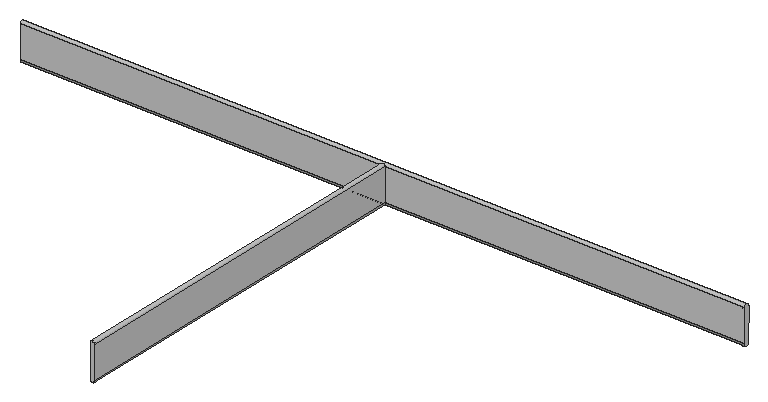
Revit family "Wall_Expansion_Joint-Emseal-Emshield-WFR2-(0.5-6-Inch)-T", category Specialty Equipment, host Face, Revit 2019
Family settings
  Host = Face
  Round Connector Dimension = Use Diameter
  Part Type = Normal
  OmniClass Number = 23.25.30.24
  OmniClass Title = Structural Walls
  Cut with Voids When Loaded = No
  Shared = No
  Room Calculation Point = No
Parameters (values of type "REFER TO TYPE CATALOG")
  Width = 0' - 0 1/2"
  Water Penetration of Curtain Wall By Uniform Static Air Pressure Difference (ASTM E331-00) = "No water penetration - 15 minute duration at 500 Delta-P(Pa), 1000 Delta-P(Pa),  and 5000 Delta-P(Pa)"  # constant formula
  URL = "http://www.emseal.com/"
  Tornado Resistance (Air Leakage) (ASTM E283) = "Tested to 200 mph with essentially no deflection"  # constant formula
  Thermal Conductivity (ASTM C518) = "0.9824 BTU*in/h*ft^2*F (0.1417 W/m*K)"  # constant formula
  Tensile Strength (ASTM D3574) = "21 psi min;  145 kPa"  # constant formula
  Temperature Range (ASTM C711) = "185°F (85°C) to -40°F (-40°C)"  # constant formula
  Standard Test Method For Structural Performance of Exterior Windows, Doors, Sylights and Curtain Walls by Uniform Static Air Pressure Difference (ASTM E330) = "1.9mm @ 4854Pa (200mph) 6-Inch width"  # constant formula
  Staining (ASTM C510) = "None"  # constant formula
  Seal Material Note = "WFR3 has a layer of Intumescent Sealant underneath the layers of silicone on both sides"  # constant formula
  Seal Material = Silicone - Sikasil WS-295
  STC Rating (Sound Transmission Class) (ASTM E90) = "STC 64 (in a STC 68 wall)"  # constant formula
  Right Length [instance] = 3' - 3 23/64"
  Rate of Air Leakage (ASTM E283) = "Passed"  # constant formula
  R Value Range (ASTM C518) = "1.03 per 1-inch (25mm) depth"  # constant formula
  Product data url = "https://cdn.emseal.com/wp-content/uploads/2016/06/emshield-wfr2-tech-data-2-hour-fire-rated-expansion-joint-wall-emseal.pdf"
  Product Page URL = "https://www.emseal.com/product/wfr2-fire-rated-wall-expansion-joint/"
  Product Documentation Link = "https://cdn.emseal.com/wp-content/uploads/2016/06/emshield-wfr2-tech-data-2-hour-fire-rated-expansion-joint-wall-emseal.pdf"
  Pick Resistant = "No"  # constant formula
  OITC Rating (Outdoor/Indoor Transmission Class) = "OITC 52 (in a OITC 52 wall)"  # constant formula
  Number of Sticks Required [instance] = (Right Length + Left Length + Bottom Length) / 6' 6 23/32"  # 1.5
  Movement (of Nominal Material Size) = "+/- 50%"
  Model = "WFR2"
  Manufacturer = "Emseal"  # constant formula
  Left Length [instance] = 3' - 3 23/64"
  Host Thickness = 0' 0" - Depth  # -0' - 4"
  Fire Resistance and Movement Cycling Regime (UL 2079, ASTM E1966, ASTM E119, ASTM E1399) = "Passed"  # constant formula
  Fire Rating (Hours per UL2079) = "2"
  Fire Rated Movement Rating (UL2079) = "Class II, III"  # constant formula
  Durometer Hardness of Silicone Coating (ASTM D2240) = "Shore A: 15"  # constant formula
  Description = "Fire Rated, Watertight, Sound Dampening, Primary Seal for Interior and Exterior Wall Expansion Joints"  # constant formula
  Depth = 0' - 4"
  Default Elevation = 4' - 0"
  Bottom Length [instance] = 3' - 3 23/64"
  Assembly Code = "B2010"
  Air Permeability (ASTM E283-04) = "0.00017 L/(s-m²) @ 75 Delta-P(Pa) 0.00017 L(s-m²) @ 250 Delta-P(Pa)"  # constant formula
  ABAA Compliance = "YES"  # constant formula
Reference planes (in)
  plane 1 "Center (Front/Back)": y = 0
  plane 2: z = 0
  plane 3 "Center (Left/Right)": x = 0
  plane 4: y = -39.60938
  plane 5: x = -0.25
  plane 6: x = 0.25
  plane 7: z = -4
  plane 8: y = -0.25
  plane 9: y = 0.25
  plane 10: x = -39.35937
  plane 11: x = 39.35938
  plane 12 "MR": z = 3.75
Forms (in)
  Extrusion 1, void
    sketch origin (0, 0, 0) x (1, 0, 0) y (0, 1, 0)
      loop
        line (-0.25, -39.60938) -> (0.25, -39.60938) -> (0.25, -0.25) -> (-0.25, -0.25) -> (-0.25, -39.60938)
    from -120 to 0
  Extrusion 2, void
    sketch origin (0, 0, 0) x (1, 0, 0) y (0, 1, 0)
      loop
        line (-39.35937, -0.25) -> (39.35938, -0.25) -> (39.35938, 0.25) -> (-39.35937, 0.25) -> (-39.35937, -0.25)
    from -120 to 0
Lines and regions (in)
  symbolic lines, detail levels medium+fine
    curve 1: line (39.35938, 0.25, 3.75) -> (39.35938, -0.25, 3.75)
Dimensions and locks (in)
  equal spacing: plane 5, plane 3 "Center (Left/Right)", plane 6
  "Width": plane 5 to plane 6
  level to plane 7 = 0' - 4"
  equal spacing: plane 8, plane 1 "Center (Front/Back)", plane 9
  "Width": plane 9 to plane 8
  "Bottom Length": plane 8 to plane 4
  "Right Length": plane 3 "Center (Left/Right)" to plane 11
  "Left Length": plane 10 to plane 3 "Center (Left/Right)"
  aligned and locked: host face to plane 2
  aligned and locked: host face to level
  aligned and locked: Extrusion 1 sketch curve to plane 4
  aligned and locked: Extrusion 1 sketch curve to plane 6
  aligned and locked: Extrusion 1 sketch curve to plane 5
  aligned and locked: plane 2 to Extrusion 1
  aligned and locked: Extrusion 2 sketch curve to plane 8
  aligned and locked: Extrusion 2 sketch curve to plane 9
  aligned and locked: Extrusion 2 sketch curve to plane 10
  aligned and locked: plane 11 to Extrusion 2
  aligned and locked: curve 1 to plane 9
  aligned and locked: curve 1 to plane 8
  aligned and locked: curve 1 to plane 11
  aligned and locked: nested 1 to plane 1 "Center (Front/Back)"
  aligned and locked: nested 2 to plane 3 "Center (Left/Right)"
  aligned and locked: nested 2 to plane 8
  aligned and locked: nested 2 to plane 4
  aligned and locked: nested 1 to plane 11
  aligned and locked: nested 1 to plane 10
  aligned and locked: Extrusion 1 sketch curve to plane 8
Automatic sketch dimensions
  host sketch curve to host sketch curve = 28' - 9.38114"
  host sketch curve to host sketch curve = 23' - 6.66857"
  plane 5 to Extrusion 2 sketch curve = 3' - 3 39/64"
Nested families (in)
  nested 1: "EmShield_WFR_Bellow_Facebased" at (0, 0, 0) x (0, 1, 0) z (0, 0, 1), Seal Material <- "Seal Material", Width <- "Width", Depth <- "Depth", type "WFR"
    with Width 0' - 0 1/2", Triple Bellow no, Single Bellow yes, Seal Material Silicone - Sikasil WS-295, Quad Bellow no, Pent Bellow no, Length 6' - 6 23/32", Depth 0' - 4", Calc Width Triple 0' - 1 1/2", Calc Width Single 0' - 0 1/2", Calc Width Quad 0' - 3 131/256", Calc Width Pent 0' - 4 1/2"
  nested 2: "EmShield_WFR_Bellow_Facebased" at (0, -19.92969, 0) x (-1, 0, 0) z (0, 0, 1), Seal Material <- "Seal Material", Width <- "Width", Depth <- "Depth", type "WFR"
    with Width 0' - 0 1/2", Triple Bellow no, Single Bellow yes, Seal Material Silicone - Sikasil WS-295, Quad Bellow no, Pent Bellow no, Length 3' - 3 23/64", Depth 0' - 4", Calc Width Triple 0' - 1 1/2", Calc Width Single 0' - 0 1/2", Calc Width Quad 0' - 3 131/256", Calc Width Pent 0' - 4 1/2"
Definition of nested family "EmShield_WFR_Bellow_Facebased"
  Parameters
    Width [instance] = 0' - 4 3/4"
    Triple Bellow [instance] = and(Width > 0' 1 125/256", Width < 0' 3 131/256")  # no
    Single Bellow [instance] = Width < 0' 1 67/256"  # no
    Seal Material [instance] = none
    Quad Bellow [instance] = and(Width > 0' 3 189/256", Width < 0' 4 131/256")  # no
    Pent Bellow [instance] = and(Width > 0' 4 189/256", Width < 0' 6 3/256")  # yes
    Length [instance] = 7' - 0"
    Depth [instance] = 0' - 4"
    Default Elevation = 4' - 0"
    Calc Width Triple [instance] = if(or(Width > 0' 3 131/256", Width < 0' 1 125/256"), 0' 1 1/2", Width)  # 0' - 1 1/2"
    Calc Width Single [instance] = if(Width > 0' 1 67/256", 0' 1 67/256", Width)  # 0' - 1 67/256"
    Calc Width Quad [instance] = if(or(Width > 0' 4 131/256", Width < 0' 3 189/256"), 0' 3 131/256", Width)  # 0' - 3 131/256"
    Calc Width Pent [instance] = if(or(Width > 0' 6 3/256", Width < 0' 4 125/256"), 0' 4 1/2", Width)  # 0' - 4 3/4"
  Reference planes (in)
    plane 1 "Center (Front/Back)": y = 0
    plane 2: z = 0
    plane 3 "Center (Left/Right)": x = 0
    plane 4: y = 42
    plane 5: y = -42
    plane 6: x = -0.75
    plane 7: x = 0.75
    plane 8: z = -4
    plane 9: x = -0.87793
    plane 10: x = 0.87793
    plane 11: x = -0.25
    plane 12: x = 0.25
    plane 13: x = -1.75586
    plane 14: x = 1.75586
    plane 15: x = -0.63086
    plane 16: x = 0.63086
    plane 17: x = -2.375
    plane 18: x = 2.375
    plane 19: x = -5.625
    plane 20: x = 5.875
    plane 21: x = -1.425
    plane 22: x = -0.475
    plane 23: x = 0.475
    plane 24: x = -2.375
    plane 25: x = 2.375
    plane 26: x = 1.425
  Forms (in)
    Extrusion 1, solid
      sketch origin (0, 0, 0) x (1, 0, 0) y (0, 1, 0)
        loop
          line (-48, 48) -> (-48, -48) -> (48, -48) -> (48, 48) -> (-48, 48)
      from 0 to -12
    Extrusion 2, solid, material <- "Seal Material", visible <- "Quad Bellow", detail levels medium+fine
      sketch origin (0, 0, 0) x (1, 0, 0) y (0, 0, 1)
        loop
          line (1.75586, -3.56106) -> (1.75586, -0.43896)
          arc (1.75586, -0.43896) -> (1.31689, 0) -> (0.87793, -0.43896) r 0.43896
          arc (0.87793, -0.43896) -> (0.43896, 0) -> (0, -0.43896) r 0.43896
          arc (0, -0.43896) -> (-0.43896, 0) -> (-0.87793, -0.43896) r 0.43896
          arc (-0.87793, -0.43896) -> (-1.31689, 0) -> (-1.75586, -0.43896) r 0.43896
          line (-1.75586, -0.43896) -> (-1.75586, -3.56106)
          arc (-1.75586, -3.56106) -> (-1.31689, -4.00002) -> (-0.87793, -3.56106) r 0.43896
          arc (-0.87793, -3.56106) -> (-0.43896, -4.00002) -> (0, -3.56106) r 0.43896
          arc (0, -3.56106) -> (0.43896, -4.00002) -> (0.87793, -3.56106) r 0.43896
          arc (0.87793, -3.56106) -> (1.31689, -4.00002) -> (1.75586, -3.56106) r 0.43896
      from -42 to 42
    Extrusion 3, solid, material <- "Seal Material", visible <- "Triple Bellow", detail levels medium+fine
      sketch origin (0, 0, 0) x (1, 0, 0) y (0, 0, 1)
        loop
          line (-0.75, -0.25) -> (-0.75, -3.75)
          arc (-0.75, -3.75) -> (-0.5, -4) -> (-0.25, -3.75) r 0.25
          arc (-0.25, -3.75) -> (0, -4) -> (0.25, -3.75) r 0.25
          arc (0.25, -3.75) -> (0.5, -4) -> (0.75, -3.75) r 0.25
          line (0.75, -3.75) -> (0.75, -0.25)
          arc (0.75, -0.25) -> (0.5, 0) -> (0.25, -0.25) r 0.25
          arc (0.25, -0.25) -> (0, 0) -> (-0.25, -0.25) r 0.25
          arc (-0.25, -0.25) -> (-0.5, 0) -> (-0.75, -0.25) r 0.25
      from -42 to 42
    Extrusion 4, solid, material <- "Seal Material", visible <- "Single Bellow", detail levels medium+fine
      sketch origin (0, 0, 0) x (1, 0, 0) y (0, 0, 1)
        loop
          line (-0.63086, -0.63086) -> (-0.63086, -3.36914)
          arc (-0.63086, -3.36914) -> (0, -4) -> (0.63086, -3.36914) r 0.63086
          line (0.63086, -3.36914) -> (0.63086, -0.63086)
          arc (0.63086, -0.63086) -> (0, 0) -> (-0.63086, -0.63086) r 0.63086
      from -42 to 42
    Extrusion 5, solid, material <- "Seal Material", detail levels coarse
      sketch origin (0, 0, 0) x (1, 0, 0) y (0, 0, 1)
        loop
          line (2.375, -4) -> (2.375, 0) -> (-2.375, 0) -> (-2.375, -4) -> (2.375, -4)
      from -42 to 42
    Extrusion 6, solid, material <- "Seal Material", visible <- "Pent Bellow", detail levels medium+fine
      sketch origin (0, 0, 0) x (1, 0, 0) y (0, 0, 1)
        loop
          line (-2.375, -0.475) -> (-2.375, -3.52513)
          arc (-2.375, -3.52513) -> (-1.9, -4.00013) -> (-1.425, -3.52513) r 0.475
          arc (-1.425, -3.52513) -> (-0.95, -4.00013) -> (-0.475, -3.52513) r 0.475
          arc (-0.475, -3.52513) -> (0, -4.00013) -> (0.475, -3.52513) r 0.475
          arc (0.475, -3.52513) -> (0.95, -4.00013) -> (1.425, -3.52513) r 0.475
          arc (1.425, -3.52513) -> (1.9, -4.00013) -> (2.375, -3.52513) r 0.475
          line (2.375, -3.52513) -> (2.375, -0.475)
          arc (2.375, -0.475) -> (1.9, 0) -> (1.425, -0.475) r 0.475
          arc (1.425, -0.475) -> (0.95, 0) -> (0.475, -0.475) r 0.475
          arc (0.475, -0.475) -> (0, 0) -> (-0.475, -0.475) r 0.475
          arc (-0.475, -0.475) -> (-0.95, 0) -> (-1.425, -0.475) r 0.475
          arc (-1.425, -0.475) -> (-1.9, 0) -> (-2.375, -0.475) r 0.475
      from -42 to 42
  Lines and regions (in)
    Masking region 1
      outline origin (0, 0, 2.62265) x (-1, 0, 0) y (0, -1, 0)
        loop
          line (2.375, -42) -> (2.375, 42) -> (-2.375, 42) -> (-2.375, -42) -> (2.375, -42)
    Masking region 2, detail levels coarse
      outline origin (0, 0, 0) x (1, 0, 0) y (0, 0, 1)
        loop
          line (2.375, 0) -> (-2.375, 0) -> (-2.375, -4) -> (2.375, -4) -> (2.375, 0)
    Masking region 3, visible <- "Pent Bellow", detail levels medium+fine
      outline origin (0, 0, 0) x (1, 0, 0) y (0, 0, 1)
        loop
          arc (-1.425, -0.475) -> (-1.9, 0) -> (-2.375, -0.475) r 0.475
          line (-2.375, -0.475) -> (-2.375, -3.52513)
          arc (-2.375, -3.52513) -> (-1.9, -4.00013) -> (-1.425, -3.52513) r 0.475
          arc (-1.425, -3.52513) -> (-0.95, -4.00013) -> (-0.475, -3.52513) r 0.475
          arc (-0.475, -3.52513) -> (0, -4.00013) -> (0.475, -3.52513) r 0.475
          arc (0.475, -3.52513) -> (0.95, -4.00013) -> (1.425, -3.52513) r 0.475
          arc (1.425, -3.52513) -> (1.9, -4.00013) -> (2.375, -3.52513) r 0.475
          line (2.375, -3.52513) -> (2.375, -0.475)
          arc (2.375, -0.475) -> (1.9, 0) -> (1.425, -0.475) r 0.475
          arc (1.425, -0.475) -> (0.95, 0) -> (0.475, -0.475) r 0.475
          arc (0.475, -0.475) -> (0, 0) -> (-0.475, -0.475) r 0.475
          arc (-0.475, -0.475) -> (-0.95, 0) -> (-1.425, -0.475) r 0.475
    Masking region 4, visible <- "Quad Bellow", detail levels medium+fine
      outline origin (0, 0, 0) x (1, 0, 0) y (0, 0, 1)
        loop
          line (-1.75586, -0.43896) -> (-1.75586, -3.56106)
          arc (-1.75586, -3.56106) -> (-1.31689, -4.00002) -> (-0.87793, -3.56106) r 0.43896
          arc (-0.87793, -3.56106) -> (-0.43896, -4.00002) -> (0, -3.56106) r 0.43896
          arc (0, -3.56106) -> (0.43896, -4.00002) -> (0.87793, -3.56106) r 0.43896
          arc (0.87793, -3.56106) -> (1.31689, -4.00002) -> (1.75586, -3.56106) r 0.43896
          line (1.75586, -3.56106) -> (1.75586, -0.43896)
          arc (1.75586, -0.43896) -> (1.31689, 0) -> (0.87793, -0.43896) r 0.43896
          arc (0.87793, -0.43896) -> (0.43896, 0) -> (0, -0.43896) r 0.43896
          arc (0, -0.43896) -> (-0.43896, 0) -> (-0.87793, -0.43896) r 0.43896
          arc (-0.87793, -0.43896) -> (-1.31689, 0) -> (-1.75586, -0.43896) r 0.43896
    Masking region 5, visible <- "Single Bellow", detail levels medium+fine
      outline origin (0, 0, 0) x (1, 0, 0) y (0, 0, 1)
        loop
          arc (0.63086, -0.63086) -> (0, 0) -> (-0.63086, -0.63086) r 0.63086
          line (-0.63086, -0.63086) -> (-0.63086, -3.36914)
          arc (-0.63086, -3.36914) -> (0, -4) -> (0.63086, -3.36914) r 0.63086
          line (0.63086, -3.36914) -> (0.63086, -0.63086)
    Masking region 6, visible <- "Triple Bellow", detail levels medium+fine
      outline origin (0, 0, 0) x (1, 0, 0) y (0, 0, 1)
        loop
          arc (-0.25, -3.75) -> (0, -4) -> (0.25, -3.75) r 0.25
          arc (0.25, -3.75) -> (0.5, -4) -> (0.75, -3.75) r 0.25
          line (0.75, -3.75) -> (0.75, -0.25)
          arc (0.75, -0.25) -> (0.5, 0) -> (0.25, -0.25) r 0.25
          arc (0.25, -0.25) -> (0, 0) -> (-0.25, -0.25) r 0.25
          arc (-0.25, -0.25) -> (-0.5, 0) -> (-0.75, -0.25) r 0.25
          line (-0.75, -0.25) -> (-0.75, -3.75)
          arc (-0.75, -3.75) -> (-0.5, -4) -> (-0.25, -3.75) r 0.25
    Masking region 7
      outline origin (0, 0, 0) x (0, 1, 0) y (0, 0, 1)
        loop
          line (42, -4) -> (42, 0) -> (-42, 0) -> (-42, -4) -> (42, -4)
    symbolic lines, visible <- "Quad Bellow", detail levels medium+fine
      curve 1: line (-0.87793, 42, 2.62265) -> (-0.87793, -42, 2.62265)
      curve 2: line (0.87793, 42, 2.62265) -> (0.87793, -42, 2.62265)
      curve 3: line (0, 42, 2.62265) -> (0, -42, 2.62265)
    symbolic lines, visible <- "Triple Bellow", detail levels medium+fine
      curve 4: line (-0.25, 42, 0) -> (-0.25, -42, 0)
      curve 5: line (0.25, 42, 0) -> (0.25, -42, 0)
    symbolic lines, visible <- "Pent Bellow", detail levels medium+fine
      curve 6: line (-1.425, 42, 0) -> (-1.425, -42, 0)
      curve 7: line (-0.475, 42, 0) -> (-0.475, -42, 0)
      curve 8: line (0.475, 42, 0) -> (0.475, -42, 0)
      curve 9: line (1.425, 42, 0) -> (1.425, -42, 0)
  Dimensions and locks (in)
    "Length": plane 4 to plane 5
    equal spacing: plane 6, plane 3 "Center (Left/Right)", plane 7
    "Depth": level to plane 8
    plane 8 to Extrusion 2 sketch curve to Extrusion 2 sketch curve to Extrusion 2 sketch curve to Extrusion 2 sketch curve = 0' - 0.00002" locked, 0' - 0" locked, 0' - 0" locked, 0' - 0" locked
    Extrusion 2 sketch curve to Extrusion 2 sketch curve to Extrusion 2 sketch curve to Extrusion 2 sketch curve to plane 2 = 0' - 0" locked, 0' - 0" locked, 0' - 0" locked, 0' - 0" locked
    equal spacing: plane 4, plane 1 "Center (Front/Back)", plane 5
    plane 8 to Extrusion 3 sketch curve to Extrusion 3 sketch curve to Extrusion 3 sketch curve = 0' - 0" locked, 0' - 0" locked, 0' - 0" locked
    plane 2 to Extrusion 3 sketch curve to Extrusion 3 sketch curve to Extrusion 3 sketch curve = 0' - 0" locked, 0' - 0" locked, 0' - 0" locked
    equal spacing: plane 7, plane 12, plane 11, plane 6
    "Calc Width Triple": plane 7 to plane 6
    equal spacing: plane 14, plane 10, plane 3 "Center (Left/Right)", plane 9, plane 13
    "Calc Width Quad": plane 14 to plane 13
    equal spacing: plane 16, plane 3 "Center (Left/Right)", plane 15
    "Calc Width Single": plane 16 to plane 15
    locked: plane 8 to Extrusion 4 sketch curve at 0
    locked: plane 2 to Extrusion 4 sketch curve at 0
    equal spacing: plane 18, plane 3 "Center (Left/Right)", plane 17
    "Width": plane 18 to plane 17
    locked: plane 19 to plane 17 at 3.25
    locked: plane 18 to plane 20 at 3.5
    equal spacing: plane 25, plane 3 "Center (Left/Right)", plane 24
    "Calc Width Pent": plane 25 to plane 24
    equal spacing: plane 25, plane 26, plane 23, plane 22, plane 21, plane 24
    plane 8 to Extrusion 6 sketch curve to Extrusion 6 sketch curve to Extrusion 6 sketch curve to Extrusion 6 sketch curve to Extrusion 6 sketch curve = 0' - 0.00013" locked, 0' - 0" locked, 0' - 0" locked, 0' - 0" locked, 0' - 0" locked
    plane 2 to Extrusion 6 sketch curve to Extrusion 6 sketch curve to Extrusion 6 sketch curve to Extrusion 6 sketch curve to Extrusion 6 sketch curve = 0' - 0" locked, 0' - 0" locked, 0' - 0" locked, 0' - 0" locked, 0' - 0" locked
    aligned and locked: plane 2 to Extrusion 1
    aligned and locked: level to Extrusion 1
    aligned and locked: Masking region 1 sketch curve to plane 4
    aligned and locked: Masking region 1 sketch curve to plane 5
    aligned and locked: plane 5 to curve 1
    aligned and locked: plane 5 to curve 2
    aligned and locked: plane 4 to curve 2
    aligned and locked: plane 4 to curve 1
    aligned and locked: curve 3 to plane 3 "Center (Left/Right)"
    aligned and locked: plane 10 to Extrusion 2 sketch curve  (x2)
    aligned and locked: plane 3 "Center (Left/Right)" to Extrusion 2 sketch curve  (x2)
    aligned and locked: plane 9 to Extrusion 2 sketch curve  (x2)
    aligned and locked: Extrusion 2 to plane 5
    aligned and locked: plane 4 to Extrusion 2
    aligned and locked: plane 6 to Extrusion 3 sketch curve
    aligned and locked: plane 7 to Extrusion 3 sketch curve
    aligned and locked: plane 12 to Extrusion 3 sketch curve  (x2)
    aligned and locked: plane 11 to Extrusion 3 sketch curve  (x2)
    aligned and locked: plane 13 to Extrusion 2 sketch curve
    aligned and locked: Extrusion 2 sketch curve to plane 14
    aligned and locked: plane 15 to Extrusion 4 sketch curve
    aligned and locked: plane 16 to Extrusion 4 sketch curve
    aligned and locked: Extrusion 5 sketch curve to plane 8
    aligned and locked: Extrusion 5 sketch curve to plane 2
    aligned and locked: Extrusion 5 sketch curve to plane 17
    aligned and locked: Extrusion 5 sketch curve to plane 18
    aligned and locked: Extrusion 5 to plane 5
    aligned and locked: Extrusion 4 to plane 5
    aligned and locked: Extrusion 3 to plane 5
    aligned and locked: plane 4 to Extrusion 5
    aligned and locked: plane 4 to Extrusion 4
    aligned and locked: plane 4 to Extrusion 3
    aligned and locked: curve 4 to plane 11
    aligned and locked: curve 5 to plane 12
    aligned and locked: Masking region 1 sketch curve to plane 17
    aligned and locked: plane 18 to Masking region 1 sketch curve
    aligned and locked: plane 24 to Extrusion 6 sketch curve
    aligned and locked: plane 25 to Extrusion 6 sketch curve
    aligned and locked: plane 21 to Extrusion 6 sketch curve  (x2)
    aligned and locked: plane 22 to Extrusion 6 sketch curve  (x2)
    aligned and locked: plane 23 to Extrusion 6 sketch curve  (x2)
    aligned and locked: plane 26 to Extrusion 6 sketch curve  (x2)
    aligned and locked: Extrusion 6 to plane 5
    aligned and locked: plane 4 to Extrusion 6
    aligned and locked: curve 6 to plane 21
    aligned and locked: curve 7 to plane 22
    aligned and locked: curve 8 to plane 23
    aligned and locked: curve 9 to plane 26
    aligned and locked: Masking region 2 sketch curve to Extrusion 5  (x4)
    aligned and locked: Masking region 3 sketch curve to Extrusion 6  (x10)
    aligned and locked: Masking region 4 sketch curve to Extrusion 2  (x8)
    aligned and locked: Masking region 5 sketch curve to Extrusion 4  (x2)
    aligned and locked: Masking region 6 sketch curve to Extrusion 3  (x6)
    aligned and locked: plane 4 to Masking region 7 sketch curve
    aligned and locked: plane 5 to Masking region 7 sketch curve
    aligned and locked: plane 8 to Masking region 7 sketch curve
    aligned and locked: level to Masking region 7 sketch curve
  Automatic sketch dimensions
    Extrusion 1 sketch curve to Extrusion 1 sketch curve = 8' - 0"  (x2)
    curve 3 to plane 4 = 0' - 0"
    curve 3 to plane 5 = 0' - 0"
    curve 2 to plane 10 = 0' - 0"
    curve 1 to plane 9 = 0' - 0"
    Extrusion 3 sketch curve to Extrusion 3 sketch curve = 0' - 0"
    curve 4 to plane 5 = 0' - 0"
    curve 5 to plane 5 = 0' - 0"
    curve 5 to plane 4 = 0' - 0"
    curve 4 to plane 4 = 0' - 0"
    curve 6 to plane 5 = 0' - 0"
    plane 4 to curve 6 = 0' - 0"
    curve 7 to curve 6 = 0' - 0"
    curve 6 to curve 7 = 0' - 0"
    curve 8 to curve 7 = 0' - 0"
    curve 7 to curve 8 = 0' - 0"
    curve 9 to curve 8 = 0' - 0"
    curve 8 to curve 9 = 0' - 0"
